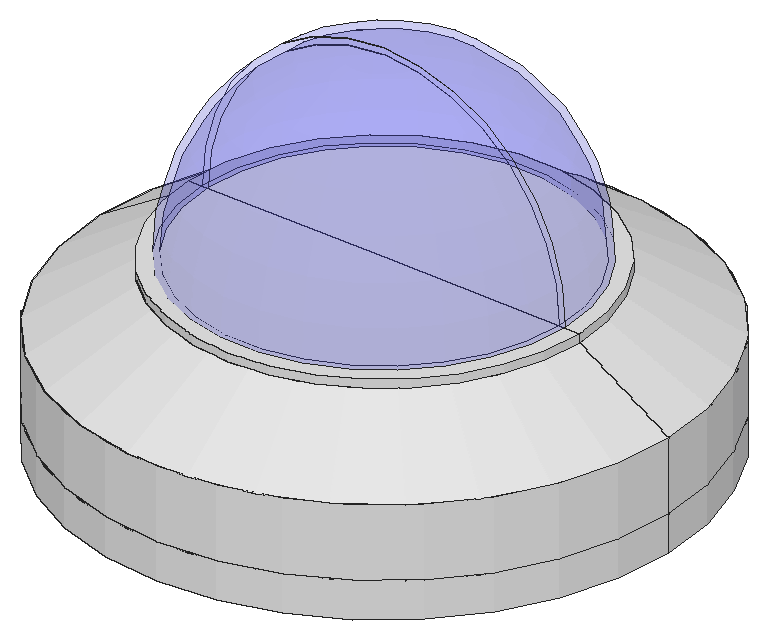
Revit family "SDP-859 IP-видеокамера", category Устройства связи, Revit 2017
Family settings
  Сохранять ориентацию аннотаций = Нет
  Размер круглого соединителя = Использовать диаметр
  Тип детали = Нормальный
  На основе рабочей плоскости = Нет
  Всегда вертикально = Нет
  При загрузке вырезать с полостями = Нет
  Общий = Нет
  Точка расчета площади = Нет
Parameters (values of type "SDP-859 IP-видеокамера")
  Чувствительность с вкл. ИК, Люкс = "0"
  Чувствительность Ч/б, Люкс = "0,001 / F1.4"
  Чувствительность Цвет, Люкс = "0,02 / F1.4"
  Частота кадров, к/сек = 25
  Формат сжатия = "H.264, MJPEG"
  Фокусное расстояние объектива, мм = 3.6 mm
  Управление = "Веб-интерфейс, StilVL"
  Тип интерфейса = "1 разъем RJ45 10M/100M Ethernet порт"
  Смещение_УГО_Y [instance] = 0 mm
  Смещение_УГО_X [instance] = 0 mm
  Раздел проекта [instance] = ""
  Раздел Спецификации [instance] = ""
  Потребляемый ток, не более, А = 0.4 A
  Поддерживаемые протоколы = "RTP/RTSP/RTCP, TCP/UDP, HTTP, DHCP, PPPoE, DNS, DDNS, PPPoE, SMTP, NTP, IPv4/IPv6, Banjour"
  Напряжение электропитания видеокамеры = "РоЕ (802.3af)"
  Матрица = "1/2,8\"CMOS"
  Максимальное разрешение, пикс = "2048х1536"
  Диапазон рабочих температур, ºС = "от +5 до +50"
  Дальность ИК = 15
  Видимость_зона обнаружения [instance] = yes
  Видивость_УГО [instance] = yes
  В_Смещение_УГО_Y [instance] = Смещение_УГО_Y + 2000 mm  # 2000 mm
  В_Смещение_УГО_X [instance] = Смещение_УГО_X + 2000 mm  # 2000 mm
  d_короба = 0 mm
  ADSK_Размер_ДиаметрИзделия = 105 mm
  ADSK_Размер_Высота = 65 mm
  ADSK_Примечание = ""
  ADSK_Наименование = "IP-видеокамера SDP-859"
  ADSK_Масса = 0.35
  ADSK_Марка = "CТАЕ.426459.032-06"
  ADSK_Количество = 1
  ADSK_Завод-изготовитель = "ООО «Основа Безопасности»"  # constant formula
  ADSK_Единица измерения = "шт."  # constant formula
  ADSK_URL страницы изделия = "https://stilsoft.ru/products/sdp-859"
  ADSK_URL документации изделия = ""
Reference planes
  plane 1 "По центру (Вперед/Назад)": y = 0
  plane 2: z = 0
  plane 3 "По центру (Влево/Вправо)": x = 0
  plane 4: y = 2000
  plane 5: x = -2000
  plane 6: x = 0
  plane 7: y = 0
Forms (mm)
  Extrusion 1, solid, material "По умолчанию", detail levels medium+fine
    sketch origin (0, 0, 0) x (1, 0, 0) y (0, 1, 0)
      loop
        circle (0, 0) r 52.5
    from 0 to 6.5
  Extrusion 2, solid, material "По умолчанию", detail levels medium+fine
    sketch origin (0, 0, 0) x (1, 0, 0) y (0, 1, 0)
      loop
        circle (0, 0) r 52.5
    from 6.5 to 19
  Revolve 3, solid, material "По умолчанию", detail levels medium+fine
    sketch origin (0, 0, 0) x (1, 0, 0) y (0, 0, 1)
      loop
        line (0, 29) -> (0, 19) -> (52.5, 19) -> (36, 29) -> (0, 29)
      axis (0, 19) -> (0, 29)
    angle from 0 to 360
  Revolve 4, solid, material "По умолчанию", detail levels medium+fine
    sketch origin (0, 0, 0) x (1, 0, 0) y (0, 0, 1)
      loop
        line (36, 29) -> (36, 30.5) -> (0, 30.5) -> (0, 29) -> (36, 29)
      axis (0, 29) -> (0, 30.5)
    angle from 0 to 360
  Revolve 5, solid, material "Стекло", detail levels medium+fine
    sketch origin (0, 0, 0) x (1, 0, 0) y (0, 0, 1)
      loop
        line (0, 65) -> (0, 63.961)
        arc (0, 63.961) -> (23.087, 53.897) -> (32.405, 30.5) r 33.092
        line (32.405, 30.5) -> (33.454, 30.5)
        arc (33.454, 30.5) -> (23.932, 54.736) -> (0, 65) r 33.783
      axis (0, 65) -> (0, 30.5)
    angle from 0 to 360
Dimensions and locks
  locked: plane 4 to plane 1 "По центру (Вперед/Назад)" at 2000
  locked: plane 5 to plane 3 "По центру (Влево/Вправо)" at 2000
  "В_Смещение_УГО_X": plane 5 to plane 6
  "В_Смещение_УГО_Y": plane 4 to plane 7
  aligned and locked: level to plane 2
  aligned and locked: plane 6 to nested 1
  aligned and locked: nested 1 to plane 7
Automatic sketch dimensions
  plane 1 "По центру (Вперед/Назад)" to Extrusion 1 sketch curve = 0 mm
  Extrusion 1 sketch curve to plane 3 "По центру (Влево/Вправо)" = 0 mm
  plane 1 "По центру (Вперед/Назад)" to Extrusion 2 sketch curve = 0 mm
  Extrusion 2 sketch curve to plane 3 "По центру (Влево/Вправо)" = 0 mm
  Revolve 3 sketch curve to plane 3 "По центру (Влево/Вправо)" = 0 mm  (x2)
  plane 3 "По центру (Влево/Вправо)" to Revolve 3 sketch curve = 36 mm
  Revolve 3 sketch curve to Revolve 3 sketch curve = 16.5 mm
  level to Revolve 3 sketch curve = 19 mm
  Revolve 3 sketch curve to Revolve 3 sketch curve = 10 mm
  Revolve 3 sketch curve to Revolve 3 sketch curve = 0 mm  (x2)
  Revolve 4 sketch curve to plane 3 "По центру (Влево/Вправо)" = 0 mm  (x2)
  plane 3 "По центру (Влево/Вправо)" to Revolve 4 sketch curve = 36 mm
  level to Revolve 4 sketch curve = 29 mm
  Revolve 4 sketch curve to Revolve 4 sketch curve = 1.5 mm
  Revolve 4 sketch curve to Revolve 4 sketch curve = 0 mm  (x2)
  Revolve 5 sketch curve to plane 3 "По центру (Влево/Вправо)" = 0 mm  (x2)
  Revolve 5 sketch curve to plane 3 "По центру (Влево/Вправо)" = 0.322 mm
  Revolve 5 sketch curve to Revolve 5 sketch curve = 0.364 mm
  plane 3 "По центру (Влево/Вправо)" to Revolve 5 sketch curve = 32.405 mm
  Revolve 5 sketch curve to Revolve 5 sketch curve = 1.049 mm
  level to Revolve 5 sketch curve = 30.5 mm
  level to Revolve 5 sketch curve = 30.875 mm
  Revolve 5 sketch curve to Revolve 5 sketch curve = 0.343 mm
  Revolve 5 sketch curve to Revolve 5 sketch curve = 0.375 mm
  Revolve 5 sketch curve to Revolve 5 sketch curve = 0 mm
  radius of Extrusion 1 sketch curve = 52.5 mm
  radius of Extrusion 2 sketch curve = 52.5 mm
Nested families
  nested 1: "УГО_внутрянняя камера" at (0, 0, 0), visible <- "Видивость_УГО", type "УГО_камера", detail levels coarse
  nested 2: "Зона действия обнаружения" at (-0.335, -0.097, 64.995) x (0.9998, -0.0001, 0.019) z (-0.019, -0.0055, 0.9998), visible <- "Видимость_зона обнаружения", type "Зона действия обнаужения", detail levels medium+fine
    with Угол по горизонтали 72.00°, Угол по вертикали 56.00°, В_Угол по горизонтали 72.00°, L2 14989.84 mm, L1 100 mm, L 14989.84 mm, Hv1 113.018 mm, Hv 16941.176 mm, Hg1 145.309 mm, H 16941.176 mm, D 21781.513 mm
Definition of nested family "УГО_внутрянняя камера"
  Reference planes
    plane 1: y = 0
    plane 2: x = 0
  Lines and regions (mm)
    detail lines
      curve 1: line (4, 0.015, 0) -> (-3.962, 0.015, 0)
      curve 2: line (4, -14.985, 0) -> (4, 0.015, 0)
      curve 3: line (-3.962, -14.985, 0) -> (4, -14.985, 0)
      curve 4: line (-3.962, 0.015, 0) -> (-3.962, -14.985, 0)
      curve 5: line (0.019, -14.985, 0) -> (4.079, -19.045, 0)
      curve 6: line (4.079, -19.045, 0) -> (-3.962, -19.045, 0)
      curve 7: line (-3.962, -19.045, 0) -> (0.098, -14.985, 0)
    detail lines, not visible
      curve 8: line (4, -1.181, 0) -> (-3.962, -1.181, 0)
      curve 9: line (4, -16.181, 0) -> (4, -1.181, 0)
      curve 10: line (-3.962, -16.181, 0) -> (4, -16.181, 0)
      curve 11: line (-3.962, -1.181, 0) -> (-3.962, -16.181, 0)
      curve 12: line (0.019, -16.181, 0) -> (4.079, -20.241, 0)
      curve 13: line (4.079, -20.241, 0) -> (-3.962, -20.241, 0)
      curve 14: line (-3.962, -20.241, 0) -> (0.098, -16.181, 0)
      curve 15: line (-5, 0, 0) -> (5, 0, 0)
      curve 16: line (5, 0, 0) -> (5, -16.181, 0)
      curve 17: line (-5, 0, 0) -> (-5, -16.181, 0)
Definition of nested family "Зона действия обнаружения"
  Parameters (values of type "Зона действия обнаужения")
    Угол по горизонтали [instance] = 72.00°
    Угол по вертикали [instance] = ((Угол по горизонтали - Ug_min) * (Uv_max - Uv_min)) / (Ug_max - Ug_min) + Uv_min  # 56.00°
    Default Elevation = 1219.2 mm
    М_ш = 7.2 mm  # constant formula
    В_Угол по горизонтали [instance] = if(and(Угол по горизонтали > 71.99°, not(Угол по горизонтали > 72.01°)), Угол по горизонтали, 1.00°)  # 72.00°
    Uv_min = 56.00°  # constant formula
    Uv_max = 56.00°  # constant formula
    Ug_min = 22.00°  # constant formula
    Ug_max = 105.00°  # constant formula
    Rv = 1944  # constant formula
    R = 2592  # constant formula
    L2 [instance] = D / 2 / tan(Угол по горизонтали / 2)  # 14989.84 mm
    L1 [instance] = 100 mm
    L [instance] = L2  # 14989.84 mm
    K = 119
    Hv1 [instance] = L1 / L2 * Hv  # 113.018 mm
    Hv [instance] = D * Угол по вертикали / Угол по горизонтали  # 16941.176 mm
    Hg1 [instance] = L1 / L2 * D  # 145.309 mm
    H [instance] = Hv  # 16941.176 mm
    F_min = 3.6 mm  # constant formula
    F_max = 3.6 mm  # constant formula
    F = 12 mm
    D [instance] = R / K * 1000 mm  # 21781.513 mm
  Reference planes
    plane 1 "По центру (Вперед/Назад)": y = 0
    plane 2: z = 0
    plane 3 "По центру (Влево/Вправо)": x = 0
    plane 4 "L1": z = 100
  Forms (mm)
    Blend 1, void, detail levels medium+fine
      base sketch origin (0, 0, 0) x (1, 0, 0) y (0, 1, 0)
        loop
          line (-72.654, 56.509) -> (-72.654, -56.509) -> (72.654, -56.509) -> (72.654, 56.509) -> (-72.654, 56.509)
      top sketch origin (0, 0, 0) x (1, 0, 0) y (0, 1, 0)
        loop
          line (-10890.756, 8470.588) -> (-10890.756, -8470.588) -> (10890.756, -8470.588) -> (10890.756, 8470.588) -> (-10890.756, 8470.588)
      from 100 to 14989.84
  Lines and regions (mm)
    model lines, detail levels medium+fine
      curve 1: line (10890.756, 8470.588, 14989.84) -> (-10890.756, 8470.588, 14989.84)
      curve 2: line (-10890.756, 8470.588, 14989.84) -> (-10890.756, -8470.588, 14989.84)
      curve 3: line (-10890.756, -8470.588, 14989.84) -> (10890.756, -8470.588, 14989.84)
      curve 4: line (10890.756, -8470.588, 14989.84) -> (10890.756, 8470.588, 14989.84)
      curve 5: line (-10890.756, -8470.588, 14989.84) -> (-72.654, -56.509, 100)
      curve 7: line (-72.654, 56.509, 100) -> (-10890.756, 8470.588, 14989.84)
      curve 8: line (10890.756, 8470.588, 14989.84) -> (72.654, 56.509, 100)
      curve 10: line (72.654, -56.509, 100) -> (10890.756, -8470.588, 14989.84)
    model lines
      curve 6: line (-72.654, -56.509, 100) -> (-72.654, 56.509, 100)
      curve 9: line (72.654, 56.509, 100) -> (72.654, -56.509, 100)
  Dimensions and locks
    "L1": plane 4 "L1" to level
    equal spacing: Blend 1 sketch curve, plane 3 "По центру (Влево/Вправо)", Blend 1 sketch curve  (x2)
    equal spacing: Blend 1 sketch curve, plane 1 "По центру (Вперед/Назад)", Blend 1 sketch curve  (x2)
    "H": Blend 1 sketch curve to Blend 1 sketch curve
    "D": Blend 1 sketch curve to Blend 1 sketch curve
    "Hg1": Blend 1 sketch curve to Blend 1 sketch curve
    "Hv1": Blend 1 sketch curve to Blend 1 sketch curve
    "L": Blend 1 to plane 2
    aligned and locked: level to plane 2
    aligned and locked: Blend 1 to curve 1
    aligned and locked: Blend 1 to curve 3
    aligned and locked: Blend 1 to curve 2
    aligned and locked: Blend 1 to curve 4
  Automatic sketch dimensions
    curve 1 to Blend 1 = 0 mm  (x2)
    curve 3 to Blend 1 = 0 mm
    curve 2 to Blend 1 = 0 mm
    Blend 1 to curve 5 = 0 mm
    curve 5 to Blend 1 = 0 mm  (x3)
    curve 7 to Blend 1 = 0 mm  (x3)
    curve 8 to Blend 1 = 0 mm  (x2)
    curve 10 to Blend 1 = 0 mm  (x3)
    curve 9 to Blend 1 = 0 mm
    Blend 1 to curve 8 = 0 mm
